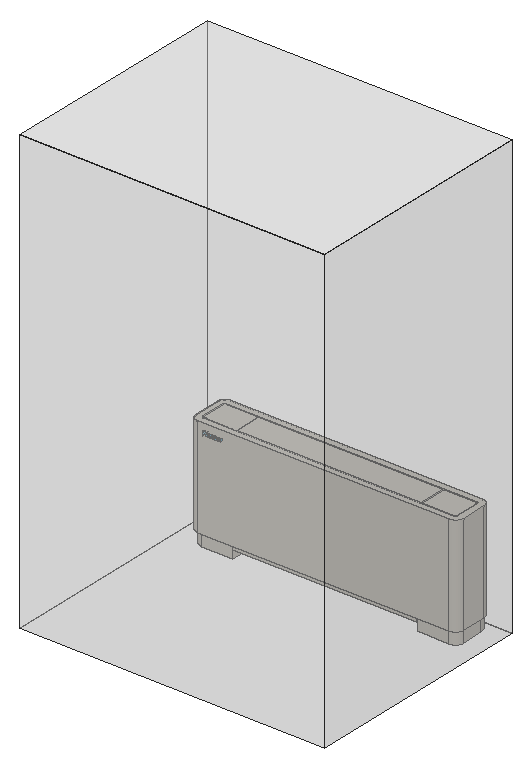
Revit family "outputfile", category 機械設備, Revit 2024
Family settings
  丸型コネクタ寸法 = 半径を使用
  パーツ タイプ = 標準
  OmniClass 番号 = 23.75.10.24.21.27.27
  OmniClass タイトル = Split System Air Conditioning Units
  作業面ベース = いいえ
  常に垂直 = はい
  ロード時にボイドで切り取り = いいえ
  注釈の向きを維持 = いいえ
  共有 = いいえ
  部屋計算ポイント = いいえ
Parameters (values of type "FXLQ63MAVE8")
  Description = ""
  製造元 = "Daikin"
  書き出し IFC クラス(タイプ) = "IfcUnitaryEquipmentType"
  定義済み IFC タイプ(タイプ) = "AIRCONDITIONINGUNIT"
  Cost = 0
  モデル = "FXLQ63MAVE8"
  Type Comments = ""
  Keynote = ""
  Type Image = (empty or 0)
  Assembly Code = ""
  w_machine casing = 1040.0 mm
  w_hangerfixture = 0.0 mm
  w_dischargeflange = 982.0 mm
  w_2_machine casing = 1010.0 mm
  w_1_machine casing = 982.0 mm
  r_Liquid Pipe Size = Liquid Pipe Size / 2  # 4.75 mm
  r_Gas Pipe Size = Gas Pipe Size / 2  # 7.95 mm
  w_mounting foot = 1230.0 mm
  r_Drain Pipe Size = Drain Pipe Size / 2  # 10.5 mm
  h_mountinghole = [h***] + 2.5 mm  # 2.5 mm
  lh_liquidpipe = 391.0 mm  # constant formula
  lh_gaspipe = 301.0 mm  # constant formula
  lh_drainpipe = 181.0 mm  # constant formula
  lh_antena = 598.5 mm  # constant formula
  ld_liquidpipe = 88.0 mm  # constant formula
  ld_gaspipe = 143.0 mm  # constant formula
  ld_drainpipe = 156.0 mm  # constant formula
  h*** = 0.0 mm  # constant formula
  w_front suction = 1001.0 mm
  d_pipe_2 = 27.3 mm  # constant formula
  d_pipe_1 = 47.6 mm  # constant formula
  d_pipe = 71.2 mm  # constant formula
  Width = 1420.0 mm
  Voltage_comment_50Hz = "220-240"
  Voltage_50Hz = 220 V
  Version = "ver.1.0"
  Unit Type = "Floor Standing Type"
  Unit Mass Weight = 36.00 kg
  Unit Designation [instance] = ""
  Uniclass2015Version = "Products v1.30"
  Uniclass2015Title = "Variable refrigerant flow units"
  Uniclass2015Code = "Pr_70_65_03_94"
  URL = ""
  Total Heating Capacity [instance] = 0.000 kW
  Total Cooling Capacity [instance] = 0.000 kW
  Sound Pressure Level_M speed (dBA) = 0
  Sound Pressure Level_L speed (dBA) = 36
  Sound Pressure Level_H speed (dBA) = 41
  Sound Power Level_H speed (dB) = 0
  Series = "VRV Fan Coil Unit"
  Sensible Cooling Capacity [instance] = 0.000 kW
  SA Duct Size Width = w_dischargeflange  # 982.0 mm
  SA Duct Size Height = 150.0 mm  # constant formula
  Refrigerant Type = "R410A"
  Power Input (Heating) = 0.110 kW
  Power Input (Cooling) = 0.110 kW
  Phase_50Hz = 1
  Option Accessory 3 [instance] = ""
  Option Accessory 2 [instance] = ""
  Option Accessory 1 [instance] = ""
  Nominal Heating Capacity = 8.000 kW
  Nominal Cooling Capacity = 7.100 kW
  Minimum External Static Pressure = 0.00 Pa
  Minimum Circuit Amps_50Hz = 0.6 A
  Minimum Airflow = 720.00 m³/h
  Median Airflow = 0.00 m³/h
  Maximum Fuse Amps_50Hz = 15.0 A
  Maximum External Static Pressure = 0.00 Pa
  Maximum Airflow = 960.00 m³/h
  Material_Casing = DAIKIN_IvoryWhite_Casing_indoorunit
  Load Classification = HVAC
  Liquid Pipe Size = 9.5 mm
  Link_Nested Family [instance] = ""
  IfcVersion = "0"
  IfcExportType = "AIRCONDITIONINGUNIT"
  IfcExportAs = "IfcUnitaryEquipmentType"
  Height = 600.0 mm
  Heating Entering Wet Bulb Temperature [instance] = 0.00 °C
  Heating Entering Dry Bulb Temperature [instance] = 0.00 °C
  Heating Ambient Wet Bulb Temperature [instance] = 0.00 °C
  Heating Ambient Dry Bulb Temperature [instance] = 0.00 °C
  Heat Exchanger Type = "Cross Fin Coil"
  Gas Pipe Size = 15.9 mm
  Frequency_50Hz = 50 Hz
  Fan Type = "Sirocco Fan"
  Fan Drive = "Direct Drive"
  FCU Tag No. [instance] = ""
  Drain Pipe Size = 21.0 mm
  Design Supply Airflow [instance] = 0.00 m³/h
  Design External Static Pressure [instance] = 0.00 Pa
  Depth = 222.0 mm
  既定の高さ = 0.0 mm
  Cooling Entering Wet Bulb Temperature [instance] = 0.00 °C
  Cooling Entering Dry Bulb Temperature [instance] = 0.00 °C
  Cooling Ambient Wet Bulb Temperature [instance] = 0.00 °C
  Cooling Ambient Dry Bulb Temperature [instance] = 0.00 °C
  Clearance visibility [instance] = yes
  Clearance Top = 1750.0 mm
  Clearance Right = 100.0 mm
  Clearance Rear = 20.0 mm
  Clearance Left = 100.0 mm
  Clearance Front = 1000.0 mm
  Clearance Bottom = 0.0 mm
Reference planes
  plane 1: y = 0
  plane 2: z = 0
  plane 3 "Center (Left/Right)": x = 0
  plane 4 "Center (Front/Back)": y = -103
  plane 5: y = -206
  plane 6: x = -520
  plane 7: x = 520
  plane 8: z = 584
  plane 9: z = 68
  plane 10: z = 609
  plane 11: z = 2350
  plane 12: z = 0
  plane 13: x = -810
  plane 14: x = 810
  plane 15: y = -1214
  plane 16: y = 28
  plane 17 "Bottom": z = 0
  plane 18: x = -488
  plane 19: x = 488
  plane 20: x = -539
  plane 21: x = -690
  plane 22: z = 129
  plane 23: z = 518
  plane 24: z = 564.5
  plane 25: y = -32
  plane 26: x = 618.8
  plane 27 "ld_drainpipe": y = -148
  plane 28: z = 181
  plane 29: z = 301
  plane 30: z = 391
  plane 31: x = 547
  plane 32: x = 505
  plane 33: x = -505
  plane 34 "ld_liquidpipe": y = -80
  plane 35 "ld_gaspipe": y = -135
  plane 36: x = 654
  plane 37: z = 518.4
  plane 38: z = 388.6
  plane 39: x = 506
  plane 40: x = -506
  plane 41: x = -614.5
  plane 42: y = -42
  plane 43: y = -25.8
  plane 44 "Left": x = -710
  plane 45 "Right": x = 710
  plane 46: x = -491
  plane 47: x = 491
  plane 48: z = 70
  plane 49 "Top": z = 600
  plane 50 "Front": y = -214
  plane 51 "Back": y = 8
  plane 52: y = -201
Forms (mm)
  Extrusion 1, solid, material "DAIKIN_IvoryWhite_Casing_indoorunit" <- "Material_Casing"
    sketch origin (0, 0, 0) x (1, 0, 0) y (0, 1, 0)
      loop
        line (-520, 0) -> (-520, -206) -> (520, -206) -> (520, 0) -> (-520, 0)
    from 68 to 584
  Extrusion 2, solid, material "DAIKIN_IvoryWhite_Casing_indoorunit" <- "Material_Casing"
    sketch origin (0, 0, 68) x (0, 1, 0) y (1, 0, 0)
      loop
        line (0, -488) -> (0, 488) -> (-206, 488) -> (-206, -488) -> (0, -488)
    from 0 to 19.6
  Extrusion 3, solid, material "DAIKIN_IvoryWhite_Casing_indoorunit" <- "Material_Casing"
    sketch origin (-520, -206, 0) x (0, 1, 0) y (0, 0, -1)
      loop
        circle (103, -448.5) r 12.5
      loop
        circle (103, -243.5) r 12.5
    from 0 to 19
  Extrusion 4, solid, material "DAIKIN_IvoryWhite_Casing_indoorunit" <- "Material_Casing"
    sketch origin (0, 0, 68) x (-1, 0, 0) y (0, -1, 0)
      loop
        line (690, 25.8) -> (690, 71.25) -> (555.25, 206) -> (539, 206) -> (539, 25.8) -> (690, 25.8)
    from 61 to 450
  Extrusion 5, solid, material "DAIKIN_IvoryWhite_Casing_indoorunit" <- "Material_Casing"
    sketch origin (520, 0, 0) x (0, -1, 0) y (0, 0, -1)
      loop
        line (5.208, -545.14) -> (32, -564.5) -> (104, -554.5) -> (202.913, -407.529) -> (197.289, -319.3) -> (168.604, -299.952) -> (5.208, -545.14)
    from 0 to 98.8
  Extrusion 6, solid, material "DAIKIN_IvoryWhite_Casing_indoorunit" <- "Material_Casing"
    sketch origin (520, 0, 0) x (0, -1, 0) y (0, 0, -1)
      loop
        line (188.5, -240) -> (188.5, -210) -> (107.5, -210) -> (107.5, -240) -> (188.5, -240)
    from 0 to 50
  Extrusion 7, solid, material "DAIKIN_IvoryWhite_Casing_indoorunit" <- "Material_Casing"
    sketch origin (520, -107.5, 210) x (-1, 0, 0) y (0, 1, 0)
      loop
        circle (-27, -40.5) r 10.5
    from 0 to 29
  Sweep 8, solid, material "DAIKIN_IvoryWhite_Casing_indoorunit" <- "Material_Casing"
    path origin (0, -80, 0) x (0, 0, 1) y (1, 0, 0)
      loop
        line (518.4, 618.8) -> (518.4, 641)
        arc (518.4, 641) -> (514.592, 650.192) -> (505.4, 654) r 13
        line (505.4, 654) -> (391, 654)
    profile origin (629.9, -80, 518.4) x (0, 0, -1) y (0, 1, 0)
      loop
        circle (0, 0) r 3.2
  Sweep 9, solid, material "DAIKIN_IvoryWhite_Casing_indoorunit" <- "Material_Casing"
    path origin (0, -135, 0) x (0, 0, 1) y (1, 0, 0)
      loop
        line (388.6, 618.8) -> (388.6, 641)
        arc (388.6, 641) -> (384.792, 650.192) -> (375.6, 654) r 13
        line (375.6, 654) -> (301, 654)
    profile origin (629.9, -135, 388.6) x (0, 0, -1) y (0, 1, 0)
      loop
        circle (0, 0) r 7.95
Dimensions and locks
  equal spacing: plane 5, plane 4 "Center (Front/Back)", plane 1
  equal spacing: plane 6, plane 3 "Center (Left/Right)", plane 7
  locked: plane 10 to plane 8 at 25
  "h***": plane 17 "Bottom" to plane 2
  locked: plane 8 to plane 9 at 516
  "Clearance Bottom": plane 17 "Bottom" to plane 12
  locked: plane 6 to plane 18 at 32
  locked: plane 19 to plane 7 at 32
  plane 18 to plane 19 = 976.0 mm
  locked: Extrusion 3 sketch curve to plane 9 at 175.5
  locked: Extrusion 3 sketch curve to Extrusion 3 sketch curve at 205
  locked: plane 6 to plane 20 at 19
  plane 23 to plane 22 to plane 17 "Bottom" = 389.0 mm locked, 129.0 mm locked
  locked: plane 21 to plane 6 at 170
  locked: plane 10 to plane 24 at 44.5
  locked: plane 5 to plane 25 at 174
  locked: plane 7 to plane 26 at 98.8
  locked: Extrusion 6 sketch curve to Extrusion 6 sketch curve at 30
  locked: Extrusion 6 sketch curve to Extrusion 6 sketch curve at 81
  locked: Extrusion 6 sketch curve to plane 17 "Bottom" at 240
  locked: plane 27 "ld_drainpipe" to Extrusion 6 sketch curve at 40.5
  "lh_drainpipe": plane 28 to plane 17 "Bottom"
  "lh_gaspipe": plane 29 to plane 17 "Bottom"
  "lh_liquidpipe": plane 30 to plane 17 "Bottom"
  locked: plane 33 to plane 6 at 15
  locked: plane 7 to plane 32 at 15
  locked: plane 31 to plane 32 at 42
  locked: plane 36 to plane 7 at 134
  locked: plane 10 to plane 37 at 90.6
  locked: plane 10 to plane 38 at 220.4
  locked: plane 6 to plane 40 at 14
  locked: plane 39 to plane 7 at 14
  equal spacing: plane 32, plane 3 "Center (Left/Right)", plane 33
  plane 32 to plane 33 = 1010.0 mm
  locked: plane 21 to plane 41 at 75.5
  locked: plane 42 to plane 1 at 42
  locked: plane 43 to plane 5 at 180.2
  locked: Extrusion 4 sketch curve to plane 20 at 16.25
  locked: plane 43 to Extrusion 4 sketch curve at 45.45
  locked: plane 46 to plane 44 "Left" at 219
  locked: plane 45 "Right" to plane 47 at 219
  "Width": plane 45 "Right" to plane 44 "Left"
  locked: plane 49 "Top" to plane 48 at 530
  equal spacing: plane 45 "Right", plane 3 "Center (Left/Right)", plane 44 "Left"
  "w_machine casing": plane 6 to plane 7
  "Depth": plane 51 "Back" to plane 50 "Front"
  equal spacing: plane 51 "Back", plane 4 "Center (Front/Back)", plane 50 "Front"
  locked: plane 1 to plane 5 at 206
  locked: plane 10 to plane 17 "Bottom" at 609
  "Height": plane 49 "Top" to plane 17 "Bottom"
  "Clearance Rear": plane 16 to plane 51 "Back"
  "Clearance Front": plane 50 "Front" to plane 15
  "Clearance Right": plane 14 to plane 45 "Right"
  "Clearance Left": plane 44 "Left" to plane 13
  "Clearance Top": plane 11 to plane 49 "Top"
  equal spacing: plane 18, nested 2, plane 19
  "ld_liquidpipe": plane 34 "ld_liquidpipe" to plane 51 "Back"
  "ld_gaspipe": plane 35 "ld_gaspipe" to plane 51 "Back"
  "ld_drainpipe": plane 27 "ld_drainpipe" to plane 51 "Back"
  locked: plane 50 "Front" to plane 52 at 13
  "Drain Pipe Size": diameter of Extrusion 7 sketch curve
  "Gas Pipe Size": diameter of Sweep 9 sketch curve
  locked: Extrusion 4 sketch curve to Extrusion 4 sketch curve (angle 45.00°)
  aligned and locked: level to plane 2
  aligned and locked: plane 1 to Extrusion 1 sketch curve
  aligned and locked: plane 6 to Extrusion 1 sketch curve
  aligned and locked: plane 5 to Extrusion 1 sketch curve
  aligned and locked: Extrusion 1 sketch curve to plane 7
  aligned and locked: plane 8 to Extrusion 1
  aligned and locked: Extrusion 1 to plane 9
  aligned and locked: plane 8 to nested 1
  aligned and locked: plane 3 "Center (Left/Right)" to nested 1
  aligned and locked: nested 2 to plane 16
  aligned and locked: nested 2 to plane 15
  aligned and locked: plane 11 to nested 2
  aligned and locked: plane 12 to nested 2
  aligned and locked: plane 13 to nested 2
  aligned and locked: plane 14 to nested 2
  aligned and locked: nested 3 to plane 4 "Center (Front/Back)"
  aligned and locked: nested 4 to plane 4 "Center (Front/Back)"
  aligned and locked: plane 1 to Extrusion 2 sketch curve
  aligned and locked: plane 5 to Extrusion 2 sketch curve
  aligned and locked: plane 18 to Extrusion 2 sketch curve
  aligned and locked: Extrusion 2 sketch curve to plane 19
  aligned and locked: plane 4 "Center (Front/Back)" to Extrusion 3 sketch curve  (x2)
  aligned and locked: Extrusion 3 to plane 20
  aligned and locked: plane 21 to Extrusion 4 sketch curve
  aligned and locked: Extrusion 4 sketch curve to plane 20
  aligned and locked: plane 23 to Extrusion 4
  aligned and locked: Extrusion 4 to plane 22
  aligned and locked: plane 26 to Extrusion 5
  aligned and locked: plane 25 to Extrusion 5 sketch curve
  aligned and locked: plane 24 to Extrusion 5 sketch curve
  aligned and locked: plane 31 to Extrusion 7 sketch curve
  aligned and locked: plane 27 "ld_drainpipe" to Extrusion 7 sketch curve
  aligned and locked: Extrusion 7 to plane 28
  aligned and locked: plane 36 to Sweep 8 sketch curve
  aligned and locked: Sweep 8 sketch curve to plane 37
  aligned and locked: plane 30 to Sweep 8 sketch curve
  aligned and locked: plane 26 to Sweep 8 sketch curve
  aligned and locked: plane 29 to Sweep 9 sketch curve
  aligned and locked: plane 26 to Sweep 9 sketch curve
  aligned and locked: Sweep 9 sketch curve to plane 38
  aligned and locked: plane 36 to Sweep 9 sketch curve
  aligned and locked: nested 3 to plane 39
  aligned and locked: plane 40 to nested 4
  aligned and locked: plane 31 to nested 5
  aligned and locked: nested 6 to plane 36
  aligned and locked: nested 7 to plane 36
  aligned and locked: nested 8 to plane 41
  aligned and locked: plane 4 "Center (Front/Back)" to nested 8
  aligned and locked: Extrusion 4 sketch curve to plane 43
  aligned and locked: Extrusion 4 sketch curve to plane 5
  aligned and locked: nested 7 to plane 34 "ld_liquidpipe"
  aligned and locked: nested 6 to plane 35 "ld_gaspipe"
  aligned and locked: nested 5 to plane 27 "ld_drainpipe"
  aligned and locked: nested 9 to plane 46
  aligned and locked: nested 9 to plane 17 "Bottom"
  aligned and locked: nested 10 to plane 47
  aligned and locked: nested 10 to plane 17 "Bottom"
  aligned and locked: plane 3 "Center (Left/Right)" to nested 11
  aligned and locked: nested 11 to plane 4 "Center (Front/Back)"
  aligned and locked: nested 11 to plane 48
  aligned and locked: nested 12 to plane 50 "Front"
  aligned and locked: plane 24 to nested 12
  aligned and locked: plane 20 to nested 12
  aligned and locked: plane 52 to nested 10
  aligned and locked: nested 9 to plane 52
  aligned and locked: nested 5 to plane 17 "Bottom"
  aligned and locked: nested 6 to plane 17 "Bottom"
  aligned and locked: nested 7 to plane 17 "Bottom"
  aligned and locked: nested 8 to plane 17 "Bottom"
  aligned and locked: plane 4 "Center (Front/Back)" to nested 1
  aligned and locked: plane 49 "Top" to nested 11
Automatic sketch dimensions
  Extrusion 1 sketch curve to plane 5 = 0.0 mm
  Extrusion 1 to Extrusion 5 sketch curve = 5.208 mm
  Extrusion 1 to Extrusion 5 sketch curve = 29.5 mm
  Extrusion 5 sketch curve to Extrusion 5 sketch curve = 72.0 mm
  Extrusion 1 to Extrusion 5 sketch curve = 37.396 mm
  Extrusion 1 to Extrusion 5 sketch curve = 8.711 mm
  Extrusion 1 to Extrusion 5 sketch curve = 3.087 mm
  Extrusion 5 sketch curve to Extrusion 5 sketch curve = 19.36 mm
  Extrusion 1 to Extrusion 5 sketch curve = 176.471 mm
  Extrusion 5 sketch curve to Extrusion 5 sketch curve = 88.229 mm
  Extrusion 5 sketch curve to Extrusion 5 sketch curve = 19.348 mm
  Sweep 8 sketch curve to profile plane = 0.0 mm  (x2)
  Sweep 8 sketch curve to plane 23 = 12.6 mm
  Sweep 9 sketch curve to plane 38 = 13.0 mm
  Sweep 9 sketch curve to plane 35 "ld_gaspipe" = 0.0 mm
  Sweep 9 sketch curve to profile plane = 0.0 mm
  radius of Extrusion 3 sketch curve = 12.5 mm  (x2)
  radius of Sweep 8 sketch curve = 3.2 mm
Nested families
  nested 1: "daikin_ductflange_FXLQ-MAVE8" at (0, -178, 584) x (1, 0, 0) z (0, 1, 0), width <- "w_dischargeflange", material <- "Material_Casing", type "daikin_ductflange_FXLQ-MAVE8"
    with width 982.0 mm, material DAIKIN_IvoryWhite_Casing_indoorunit, height 150.0 mm, depth 16.0 mm
  nested 2: "daikin_clearancespace" at (0, -593, 1175.119), visible <- "Clearance visibility", show <- "Clearance visibility", Link_Nested Family <- "Link_Nested Family", type "daikin_clearancespace"
    with width 1620.0 mm, show yes, height 2350.0 mm, depth 1242.0 mm, Link_Nested Family ""
  nested 3: "daikin_mountinghole" at (506, -103, 0), Link_Nested Family <- "Link_Nested Family", h_mountinghole <- "h_mountinghole", l_antenna <- "lh_antena", type "daikin_mountinghole"
    with show yes, l_antenna 598.5 mm, h_mountinghole 2.5 mm, Link_Nested Family ""
  nested 4: "daikin_mountinghole" at (-506, -103, 0), Link_Nested Family <- "Link_Nested Family", h_mountinghole <- "h_mountinghole", l_antenna <- "lh_antena", type "daikin_mountinghole"
    with show yes, l_antenna 598.5 mm, h_mountinghole 2.5 mm, Link_Nested Family ""
  nested 5: "daikin_connector_rotate2" at (547, -148, 181) x (1, 0, 0) z (0, -1, 0), radius <- "r_Drain Pipe Size", length <- "lh_drainpipe", type "daikin_connector_rotate2"
    with radius 10.5 mm, length 181.0 mm, angle_vertical 90.00°, show_face no
  nested 6: "daikin_connector_rotate2" at (654, -135, 301) x (1, 0, 0) z (0, -1, 0), radius <- "r_Gas Pipe Size", length <- "lh_gaspipe", type "daikin_connector_rotate2"
    with radius 7.95 mm, length 301.0 mm, angle_vertical 90.00°, show_face no
  nested 7: "daikin_connector_rotate2" at (654, -80, 391) x (1, 0, 0) z (0, -1, 0), radius <- "r_Liquid Pipe Size", length <- "lh_liquidpipe", type "daikin_connector_rotate2"
    with radius 4.75 mm, length 391.0 mm, angle_vertical 90.00°, show_face no
  nested 8: "daikin_connector_rotate2" at (-614.5, -103, 129) x (1, 0, 0) z (0, -1, 0), type "daikin_connector_rotate2"
    with radius 10.0 mm, length 129.0 mm, angle_vertical 90.00°, show_face no
  nested 9: "daikin_hangerfixture_FXLQ-MAVE8" at (-595.5, -99, 0), type "daikin_hangerfixture_FXLQ-MAVE8"
  nested 10: "daikin_hangerfixture_FXLQ-MAVE8" at (595.5, -99, 0) x (-1, 0, 0) z (0, 0, 1), type "daikin_hangerfixture_FXLQ-MAVE8"
  nested 11: "daikin_machine casing_FXLQ-MAVE8" at (0, -103, 70), width <- "Width", W_2 <- "w_2_machine casing", W_1 <- "w_1_machine casing", material <- "Material_Casing", type "daikin_machine casing_FXLQ-MAVE8"
    with width 1420.0 mm, material DAIKIN_IvoryWhite_Casing_indoorunit, height 530.0 mm, depth 222.0 mm, W_2 1010.0 mm, W_1 982.0 mm, D_1 150.0 mm
  nested 12: "daikin_logo_elevation_w100" at (-574, -214, 539.5), type "daikin_logo_elevation_w100"
    with show_logo yes
Connectors
  electrical at (-614.5, -103, 0), driven by "Load Classification"
    settings: on nested 8, index 5, voltage 0 V, apparent load 0 VA, apparent load phase1 0 VA, apparent load phase2 0 VA, apparent load phase3 0 VA, power factor 1, load classification "HVAC", number of poles 1, system type 30, power factor state 1, is connector primary yes, connector utility no, sub classification motor no, connector description "Power Supply"
  piping at (654, -80, 0), diameter 9.5, driven by "r_Liquid Pipe Size"
    settings: on nested 7, index 6, connector inside diameter 609.6 mm, connector length 0.0 mm, flow factor 0, pipe flow 0.00 m³/h, pressure drop 0.0 Pa, fitting loss kfactor 0, connector angle 0.00°, fixture units 0, engagement length 0.0 mm, angle of deflection 0.00°, flow configuration 1, flow direction 1, fitting loss method 0, system type 29, joint type 0, gender type 0, connector reference index -1, connector utility 0, adjustable connector no, is connector primary yes, connector description "Refrigerant Liquid Piping"
  piping at (654, -135, 0), diameter 15.9, driven by "r_Gas Pipe Size"
    settings: on nested 6, index 7, connector inside diameter 609.6 mm, connector length 0.0 mm, flow factor 0, pipe flow 0.00 m³/h, pressure drop 0.0 Pa, fitting loss kfactor 0, connector angle 0.00°, fixture units 0, engagement length 0.0 mm, angle of deflection 0.00°, flow configuration 1, flow direction 2, fitting loss method 0, system type 29, joint type 0, gender type 0, connector reference index -1, connector utility 0, adjustable connector no, is connector primary no, connector description "Refrigerant Gas Piping"
  piping at (547, -148, 0), diameter 21, driven by "r_Drain Pipe Size"
    settings: on nested 5, index 8, connector inside diameter 609.6 mm, connector length 0.0 mm, flow factor 0, pipe flow 0.00 m³/h, pressure drop 0.0 Pa, fitting loss kfactor 0, connector angle 0.00°, fixture units 0, engagement length 0.0 mm, angle of deflection 0.00°, flow configuration 1, flow direction 2, fitting loss method 4, system type 16, joint type 0, gender type 0, connector reference index -1, connector utility 0, adjustable connector no, is connector primary no, connector description "Condensate Drain Piping"
Definition of nested family "daikin_ductflange_FXLQ-MAVE8"
  Parameters (values of type "daikin_ductflange_FXLQ-MAVE8")
    width [instance] = 662.0 mm
    material [instance] = none
    height [instance] = 150.0 mm
    depth [instance] = 25.0 mm
    Default Elevation = 0.0 mm
  Reference planes
    plane 1 "Center (Front/Back)": y = 0
    plane 2: z = 0
    plane 3 "Center (Left/Right)": x = 0
    plane 4: y = -25
    plane 5: x = -331
    plane 6: x = 331
    plane 7 "Top": z = 150
    plane 8: y = -1
    plane 9: z = 135.5
    plane 10: z = 14.5
    plane 11 "Center (Elevation)": z = 75
    plane 12: x = -330
    plane 13: x = 330
  Forms (mm)
    Extrusion 1, solid, material <- "material"
      sketch origin (0, 0, 0) x (1, 0, 0) y (0, 0, 1)
        loop
          line (-331, 150) -> (-331, 0) -> (331, 0) -> (331, 150) -> (-331, 150)
      from 1 to 25
  Dimensions and locks
    "height": plane 7 "Top" to plane 2
    "width": plane 5 to plane 6
    equal spacing: plane 5, plane 3 "Center (Left/Right)", plane 6
    "depth": plane 1 "Center (Front/Back)" to plane 4
    locked: plane 8 to plane 1 "Center (Front/Back)" at 1
    locked: plane 7 "Top" to plane 9 at 14.5
    locked: plane 10 to plane 2 at 14.5
    equal spacing: plane 7 "Top", plane 11 "Center (Elevation)", plane 2
    locked: plane 12 to plane 5 at 1
    locked: plane 6 to plane 13 at 1
    aligned and locked: level to plane 2
    aligned and locked: plane 5 to Extrusion 1 sketch curve
    aligned and locked: Extrusion 1 sketch curve to plane 7 "Top"
    aligned and locked: plane 2 to Extrusion 1 sketch curve
    aligned and locked: Extrusion 1 sketch curve to plane 6
    aligned and locked: Extrusion 1 to plane 4
    aligned and locked: plane 8 to Extrusion 1
Definition of nested family "daikin_clearancespace"
  Parameters (values of type "daikin_clearancespace")
    width [instance] = 1823.963 mm
    show [instance] = yes
    material = none
    height [instance] = 1359.762 mm
    depth [instance] = 880.0 mm
    Default Elevation = 0.0 mm
    Link_Nested Family [instance] = ""
  Reference planes
    plane 1 "Center (Front/Back)": y = 0
    plane 2 "Center (Elevation)": z = -0.119
    plane 3 "Center (Left/Right)": x = 0
    plane 4: y = 440
    plane 5: y = -440
    plane 6 "Right": x = 911.982
    plane 7 "Left": x = -911.982
    plane 8 "Top": z = 679.762
    plane 9 "Bottom": z = -680
  Forms (mm)
    Extrusion 1, solid, material <- "material", visible <- "show"
      sketch origin (0, 0, 0) x (1, 0, 0) y (0, 1, 0)
        loop
          line (-911.982, 440) -> (-911.982, -440) -> (911.982, -440) -> (911.982, 440) -> (-911.982, 440)
      from -680 to 679.762
  Lines and regions (mm)
    symbolic lines, visible <- "show"
      curve 1: line (911.982, 440, 0) -> (-911.982, 440, 0)
      curve 2: line (-911.982, 440, 0) -> (-911.982, -440, 0)
      curve 3: line (-911.982, -440, 0) -> (911.982, -440, 0)
      curve 4: line (911.982, -440, 0) -> (911.982, 440, 0)
      curve 5: line (911.982, 0, 679.762) -> (-911.982, 0, 679.762)
      curve 6: line (911.982, 0, -680) -> (911.982, 0, 679.762)
      curve 7: line (-911.982, 0, -680) -> (911.982, 0, -680)
      curve 8: line (-911.982, 0, 679.762) -> (-911.982, 0, -680)
      curve 9: line (0, 440, 679.762) -> (0, -440, 679.762)
      curve 10: line (0, -440, 679.762) -> (0, -440, -680)
      curve 11: line (0, 440, -680) -> (0, 440, 679.762)
      curve 12: line (0, -440, -680) -> (0, 440, -680)
  Dimensions and locks
    "width": plane 7 "Left" to plane 6 "Right"
    "depth": plane 4 to plane 5
    "height": plane 8 "Top" to plane 9 "Bottom"
    equal spacing: plane 7 "Left", plane 3 "Center (Left/Right)", plane 6 "Right"
    equal spacing: plane 4, plane 1 "Center (Front/Back)", plane 5
    equal spacing: plane 8 "Top", plane 2 "Center (Elevation)", plane 9 "Bottom"
    aligned and locked: level to plane 2 "Center (Elevation)"
    aligned and locked: Extrusion 1 sketch curve to plane 4
    aligned and locked: plane 7 "Left" to Extrusion 1 sketch curve
    aligned and locked: Extrusion 1 sketch curve to plane 5
    aligned and locked: Extrusion 1 sketch curve to plane 6 "Right"
    aligned and locked: plane 8 "Top" to Extrusion 1
    aligned and locked: curve 1 to Extrusion 1
    aligned and locked: curve 2 to Extrusion 1
    aligned and locked: curve 3 to Extrusion 1
    aligned and locked: curve 4 to Extrusion 1
    aligned and locked: curve 5 to Extrusion 1
    aligned and locked: curve 6 to Extrusion 1
    aligned and locked: curve 7 to Extrusion 1
    aligned and locked: curve 8 to Extrusion 1
    aligned and locked: curve 9 to Extrusion 1
    aligned and locked: curve 10 to Extrusion 1
    aligned and locked: curve 11 to Extrusion 1
    aligned and locked: curve 12 to Extrusion 1
    aligned and locked: Extrusion 1 to plane 9 "Bottom"
Definition of nested family "daikin_hangerfixture_FXLQ-MAVE8"
  Parameters (values of type "daikin_hangerfixture_FXLQ-MAVE8")
    width = 209.0 mm
    material = none
    height = 70.0 mm
    depth = 204.0 mm
    Default Elevation = 0.0 mm
  Reference planes
    plane 1 "Center (Front/Back)": y = 0
    plane 2: z = 0
    plane 3 "Center (Left/Right)": x = 0
    plane 4: x = -104.5
    plane 5: x = 104.5
    plane 6: y = 102
    plane 7: y = -102
    plane 8: z = 70
  Forms (mm)
    Extrusion 1, solid, material <- "material"
      sketch origin (0, 0, 0) x (1, 0, 0) y (0, 1, 0)
        loop
          arc (-59.5, 102) -> (-91.32, 88.82) -> (-104.5, 57) r 45
          line (-104.5, 57) -> (-104.5, -57)
          arc (-104.5, -57) -> (-91.32, -88.82) -> (-59.5, -102) r 45
          line (-59.5, -102) -> (104.5, -102) -> (104.5, 102) -> (-59.5, 102)
      from 0 to 70
    Extrusion 2, void
      sketch origin (0, 0, 0) x (1, 0, 0) y (0, 1, 0)
        loop
          line (74.5, 92) -> (-55.5, 92)
          arc (-55.5, 92) -> (-80.249, 81.749) -> (-90.5, 57) r 35
          line (-90.5, 57) -> (-90.5, -57)
          arc (-90.5, -57) -> (-80.249, -81.749) -> (-55.5, -92) r 35
          line (-55.5, -92) -> (74.5, -92) -> (74.5, 92)
      from 0 to 67.5
    Extrusion 3, void
      sketch origin (0, 0, 0) x (1, 0, 0) y (0, 1, 0)
        loop
          line (83.5, 9) -> (83.5, -9) -> (95.5, -9) -> (95.5, 9) -> (83.5, 9)
      from 0 to 2.5
    Extrusion 4, void
      sketch origin (0, 0, 0) x (1, 0, 0) y (0, 1, 0)
        loop
          line (74.5, 92) -> (74.5, -92) -> (102, -92) -> (102, 92) -> (74.5, 92)
      from 2.5 to 67.5
  Cuts and joins
    Extrusion 2, Extrusion 3, Extrusion 4 cuts Extrusion 1
  Dimensions and locks
    "depth": plane 7 to plane 6
    equal spacing: plane 7, plane 1 "Center (Front/Back)", plane 6
    "width": plane 4 to plane 5
    equal spacing: plane 4, plane 3 "Center (Left/Right)", plane 5
    "height": plane 8 to plane 2
    locked: Extrusion 2 sketch curve to plane 5 at 30
    locked: Extrusion 2 sketch curve to plane 6 at 10
    locked: plane 7 to Extrusion 2 sketch curve at 10
    locked: plane 4 to Extrusion 2 sketch curve at 14
    locked: Extrusion 3 sketch curve to Extrusion 3 sketch curve at 12
    locked: Extrusion 3 sketch curve to Extrusion 3 sketch curve at 18
    locked: Extrusion 3 sketch curve to plane 1 "Center (Front/Back)" at 9
    locked: Extrusion 3 sketch curve to plane 5 at 9
    locked: Extrusion 4 sketch curve to plane 6 at 10
    locked: plane 7 to Extrusion 4 sketch curve at 10
    locked: Extrusion 4 sketch curve to plane 5 at 2.5
    aligned and locked: level to plane 2
    aligned and locked: plane 6 to Extrusion 1 sketch curve
    aligned and locked: plane 4 to Extrusion 1 sketch curve
    aligned and locked: Extrusion 1 sketch curve to plane 7
    aligned and locked: Extrusion 1 sketch curve to plane 5
    aligned and locked: plane 8 to Extrusion 1
  Automatic sketch dimensions
    plane 4 to Extrusion 1 sketch curve = 45.0 mm  (x2)
    plane 4 to Extrusion 2 sketch curve = 49.0 mm
    Extrusion 2 sketch curve to Extrusion 2 sketch curve = 35.0 mm
    Extrusion 4 sketch curve to plane 5 = 30.0 mm
Definition of nested family "daikin_machine casing_FXLQ-MAVE8"
  Parameters (values of type "daikin_machine casing_FXLQ-MAVE8")
    width [instance] = 1000.0 mm
    material [instance] = none
    height [instance] = 530.0 mm
    depth [instance] = 222.0 mm
    W_2 [instance] = 590.0 mm
    W_1 [instance] = 562.0 mm
    Default Elevation = 0.0 mm
    D_1 [instance] = 150.0 mm
  Reference planes
    plane 1 "Center (Front/Back)": y = 0
    plane 2: z = 0
    plane 3 "Center (Left/Right)": x = 0
    plane 4: x = -500
    plane 5: x = 500
    plane 6: y = 111
    plane 7: y = -111
    plane 8: z = 530
    plane 9: x = -281
    plane 10: x = 281
    plane 11: y = 75
    plane 12: y = -75
    plane 13: x = -298
    plane 14: x = 298
    plane 15: x = -464
    plane 16: x = 464
    plane 17: x = -295
    plane 18: x = 295
    plane 19: z = 163
    plane 20: z = 355
  Forms (mm)
    Extrusion 1, solid, material <- "material"
      sketch origin (0, 0, 0) x (1, 0, 0) y (0, 1, 0)
        loop
          arc (-455, 111) -> (-486.82, 97.82) -> (-500, 66) r 45
          line (-500, 66) -> (-500, -66)
          arc (-500, -66) -> (-486.82, -97.82) -> (-455, -111) r 45
          line (-455, -111) -> (455, -111)
          arc (455, -111) -> (486.82, -97.82) -> (500, -66) r 45
          line (500, -66) -> (500, 66)
          arc (500, 66) -> (486.82, 97.82) -> (455, 111) r 45
          line (455, 111) -> (-455, 111)
      from 0 to 530
    Extrusion 2, void
      sketch origin (0, 0, 0) x (1, 0, 0) y (0, 1, 0)
        loop
          arc (-455, 108.5) -> (-485.052, 96.052) -> (-497.5, 66) r 42.5
          line (-497.5, 66) -> (-497.5, -66)
          arc (-497.5, -66) -> (-485.052, -96.052) -> (-455, -108.5) r 42.5
          line (-455, -108.5) -> (455, -108.5)
          arc (455, -108.5) -> (485.052, -96.052) -> (497.5, -66) r 42.5
          line (497.5, -66) -> (497.5, 66)
          arc (497.5, 66) -> (485.052, 96.052) -> (455, 108.5) r 42.5
          line (455, 108.5) -> (-455, 108.5)
      from 0 to 528
    Extrusion 3, void
      sketch origin (0, 0, 530) x (0, 1, 0) y (1, 0, 0)
        loop
          line (75, -281) -> (75, 281) -> (-75, 281) -> (-75, -281) -> (75, -281)
      from 0 to 2.5
    Extrusion 4, void
      sketch origin (0, 0, 530) x (0, 1, 0) y (1, 0, 0)
        loop
          line (75, -455) -> (75, -281) -> (74, -281) -> (74, -455)
          arc (74, -455) -> (71.657, -460.657) -> (66, -463) r 8
          line (66, -463) -> (-66, -463)
          arc (-66, -463) -> (-71.657, -460.657) -> (-74, -455) r 8
          line (-74, -455) -> (-74, -281) -> (-75, -281) -> (-75, -455)
          arc (-75, -455) -> (-72.364, -461.364) -> (-66, -464) r 9
          line (-66, -464) -> (66, -464)
          arc (66, -464) -> (72.364, -461.364) -> (75, -455) r 9
        loop
          line (75, 281) -> (75, 455)
          arc (75, 455) -> (72.364, 461.364) -> (66, 464) r 9
          line (66, 464) -> (-66, 464)
          arc (-66, 464) -> (-72.364, 461.364) -> (-75, 455) r 9
          line (-75, 455) -> (-75, 281) -> (-74, 281) -> (-74, 455)
          arc (-74, 455) -> (-71.657, 460.657) -> (-66, 463) r 8
          line (-66, 463) -> (66, 463)
          arc (66, 463) -> (71.657, 460.657) -> (74, 455) r 8
          line (74, 455) -> (74, 281) -> (75, 281)
      from 0 to 2.5
    Extrusion 5, void
      sketch origin (1480.036, 111, 1200) x (-1, 0, 0) y (0, 0, 1)
        loop
          line (1781.036, -830) -> (1769.036, -830) -> (1769.036, -860) -> (1781.036, -860) -> (1781.036, -830)
        loop
          line (1191.036, -830) -> (1179.036, -830) -> (1179.036, -860) -> (1191.036, -860) -> (1191.036, -830)
        loop
          line (1781.036, -1022) -> (1769.036, -1022) -> (1769.036, -1052) -> (1781.036, -1052) -> (1781.036, -1022)
        loop
          line (1191.036, -1022) -> (1179.036, -1022) -> (1179.036, -1052) -> (1191.036, -1052) -> (1191.036, -1022)
      from 0 to -2.5
  Cuts and joins
    Extrusion 2, Extrusion 3, Extrusion 4, Extrusion 5 cuts Extrusion 1
  Dimensions and locks
    "width": plane 4 to plane 5
    equal spacing: plane 4, plane 3 "Center (Left/Right)", plane 5
    "depth": plane 7 to plane 6
    equal spacing: plane 7, plane 1 "Center (Front/Back)", plane 6
    "height": plane 8 to plane 2
    locked: plane 4 to Extrusion 2 sketch curve at 2.5
    locked: Extrusion 2 sketch curve to plane 6 at 2.5
    locked: Extrusion 2 sketch curve to plane 5 at 2.5
    locked: plane 7 to Extrusion 2 sketch curve at 2.5
    "W_1": plane 9 to plane 10
    equal spacing: plane 9, plane 3 "Center (Left/Right)", plane 10
    "D_1": plane 12 to plane 11
    equal spacing: plane 12, plane 1 "Center (Front/Back)", plane 11
    locked: Extrusion 4 sketch curve to plane 11 at 1  (x2)
    locked: plane 15 to Extrusion 4 sketch curve at 1
    locked: plane 12 to Extrusion 4 sketch curve at 1  (x2)
    locked: Extrusion 4 sketch curve to plane 16 at 1
    locked: plane 4 to plane 15 at 36
    locked: plane 16 to plane 5 at 36
    locked: plane 13 to plane 9 at 17
    locked: plane 10 to plane 14 at 17
    "W_2": plane 18 to plane 17
    equal spacing: plane 18, plane 3 "Center (Left/Right)", plane 17
    plane 20 to plane 19 to plane 2 = 192.0 mm locked, 163.0 mm locked
    locked: Extrusion 5 sketch curve to Extrusion 5 sketch curve at 12  (x4)
    locked: Extrusion 5 sketch curve to Extrusion 5 sketch curve at 30  (x4)
    locked: Extrusion 5 sketch curve to plane 17 at 6
    locked: plane 20 to Extrusion 5 sketch curve at 15  (x2)
    locked: Extrusion 5 sketch curve to plane 18 at 6
    locked: plane 17 to Extrusion 5 sketch curve at 6
    locked: plane 19 to Extrusion 5 sketch curve at 15  (x2)
    locked: plane 18 to Extrusion 5 sketch curve at 6
    aligned and locked: level to plane 2
    aligned and locked: plane 6 to Extrusion 1 sketch curve
    aligned and locked: plane 4 to Extrusion 1 sketch curve
    aligned and locked: Extrusion 1 sketch curve to plane 7
    aligned and locked: Extrusion 1 sketch curve to plane 5
    aligned and locked: plane 8 to Extrusion 1
    aligned and locked: Extrusion 1 to plane 2
    aligned and locked: Extrusion 3 sketch curve to plane 11
    aligned and locked: Extrusion 3 sketch curve to plane 9
    aligned and locked: plane 12 to Extrusion 3 sketch curve
    aligned and locked: plane 10 to Extrusion 3 sketch curve
    aligned and locked: Extrusion 4 sketch curve to plane 11
    aligned and locked: Extrusion 4 sketch curve to plane 15
    aligned and locked: cut or joined group of Extrusion 1, Extrusion 2, Extrusion 3, Extrusion 4, Extrusion 5 to Extrusion 4 sketch curve
    aligned and locked: Extrusion 4 sketch curve to cut or joined group of Extrusion 1, Extrusion 2, Extrusion 3, Extrusion 4, Extrusion 5  (x2)
    aligned and locked: plane 12 to Extrusion 4 sketch curve
    aligned and locked: plane 16 to Extrusion 4 sketch curve
    aligned and locked: plane 11 to Extrusion 4 sketch curve
    aligned and locked: plane 10 to Extrusion 4 sketch curve
    aligned and locked: Extrusion 4 sketch curve to plane 9
  Automatic sketch dimensions
    plane 4 to Extrusion 1 sketch curve = 45.0 mm  (x2)
    Extrusion 1 sketch curve to plane 5 = 45.0 mm  (x2)
    Extrusion 2 sketch curve to Extrusion 2 sketch curve = 42.5 mm
    Extrusion 2 sketch curve to plane 5 = 45.0 mm  (x2)
    plane 4 to Extrusion 2 sketch curve = 45.0 mm
    Extrusion 4 sketch curve to Extrusion 4 sketch curve = 0.0 mm  (x8)
    Extrusion 4 sketch curve to Extrusion 4 sketch curve = 8.0 mm  (x4)
Definition of nested family "daikin_logo_elevation_w100"
  Parameters (values of type "daikin_logo_elevation_w100")
    width = 100.0 mm
    show_logo [instance] = yes
    material = none
    height = 25.0 mm
    depth = 5.0 mm
    Default Elevation = 0.0 mm
  Reference planes
    plane 1 "Center (Front/Back)": y = 0
    plane 2: z = 0
    plane 3 "Center (Left/Right)": x = -15
    plane 4 "left": x = -65
    plane 5 "right": x = 35
    plane 6: y = -5
    plane 7: z = 25
  Forms (mm)
    Extrusion 1, solid
      sketch origin (0, 0, 0) x (1, 0, 0) y (0, 0, 1)
        loop
          line (-65, 25) -> (-65, 14.753) -> (-53.814, 25) -> (-65, 25)
      from 0 to 5
    Extrusion 2, solid
      sketch origin (0, 0, 0) x (1, 0, 0) y (0, 0, 1)
        loop
          line (-42.019, 25) -> (-53.814, 25) -> (-65, 14.753) -> (-65, 3.87) -> (-42.019, 25)
      from 0 to 5
    Extrusion 3, solid
      sketch origin (0, 0, 0) x (1, 0, 0) y (0, 0, 1)
        loop
          line (-35.602, 20.041) -> (-41.486, 20.041) -> (-44.428, 8.274) -> (-35.602, 8.274)
          arc (-35.602, 8.274) -> (-32.105, 8.983) -> (-29.415, 11.329) r 6.978
          arc (-29.415, 11.329) -> (-28.233, 14.382) -> (-28.637, 17.63) r 6.701
          arc (-28.637, 17.63) -> (-29.469, 18.814) -> (-30.709, 19.559) r 3.49
          arc (-30.709, 19.559) -> (-33.138, 19.976) -> (-35.602, 20.041) r 17.114
        loop
          line (-38.544, 10.627) -> (-36.191, 10.627)
          arc (-36.191, 10.627) -> (-34.383, 11.838) -> (-33.335, 13.745) r 4.6
          arc (-33.335, 13.745) -> (-33.193, 15.202) -> (-33.538, 16.625) r 4.404
          arc (-33.538, 16.625) -> (-34.051, 17.128) -> (-34.72, 17.393) r 1.818
          line (-34.72, 17.393) -> (-37.073, 17.393) -> (-38.544, 10.627)
        loop
          line (-29.13, 8.274) -> (-25.894, 8.274) -> (-24.791, 10.333) -> (-20.158, 10.333) -> (-19.717, 8.274) -> (-14.422, 8.274) -> (-16.775, 20.041) -> (-22.659, 20.041) -> (-29.13, 8.274)
        loop
          line (-23.373, 12.98) -> (-20.725, 12.98) -> (-21.482, 16.511) -> (-23.373, 12.98)
        loop
          line (-10.009, 20.041) -> (-12.951, 8.274) -> (-7.95, 8.274) -> (-5.008, 20.041) -> (-10.009, 20.041)
        loop
          line (-5.008, 8.274) -> (-0.007, 8.274) -> (0.792, 11.472) -> (3.229, 8.274) -> (9.407, 8.274) -> (4.7, 14.451) -> (11.466, 20.041) -> (6.171, 20.041) -> (2.093, 16.672) -> (2.935, 20.041) -> (-2.066, 20.041) -> (-5.008, 8.274)
        loop
          line (10.583, 8.274) -> (15.879, 8.274) -> (18.82, 20.041) -> (13.819, 20.041) -> (10.583, 8.274)
        loop
          line (18.82, 8.274) -> (22.35, 8.274) -> (24.013, 14.925) -> (26.175, 8.274) -> (32.058, 8.274) -> (35, 20.041) -> (31.47, 20.041) -> (29.679, 12.878) -> (27.351, 20.041) -> (21.762, 20.041) -> (18.82, 8.274)
      from 0 to 5
  Lines and regions (mm)
    model lines
      curve 1: line (-42.019, 0, 25) -> (-52.024, 0, 25)
      curve 2: line (-52.024, 0, 25) -> (-65, 0, 13.114)
      curve 3: line (-65, 0, 13.114) -> (-65, 0, 3.87)
      curve 4: line (-65, 0, 3.87) -> (-42.019, 0, 25)
      curve 5: line (-65, 0, 14.753) -> (-65, 0, 25)
      curve 6: line (-65, 0, 25) -> (-53.814, 0, 25)
      curve 7: line (-53.814, 0, 25) -> (-65, 0, 14.753)
      curve 8: line (-20.725, 0, 12.98) -> (-23.373, 0, 12.98)
      curve 9: line (-23.373, 0, 12.98) -> (-21.482, 0, 16.511)
      curve 10: line (-21.482, 0, 16.511) -> (-20.725, 0, 12.98)
      curve 11: line (-19.717, 0, 8.274) -> (-20.158, 0, 10.333)
      curve 12: line (-20.158, 0, 10.333) -> (-24.791, 0, 10.333)
      curve 13: line (-24.791, 0, 10.333) -> (-25.894, 0, 8.274)
      curve 14: line (-25.894, 0, 8.274) -> (-29.13, 0, 8.274)
      curve 15: line (-29.13, 0, 8.274) -> (-22.659, 0, 20.041)
      curve 16: line (-22.659, 0, 20.041) -> (-16.775, 0, 20.041)
      curve 17: line (-36.191, 0, 10.627) -> (-38.544, 0, 10.627)
      curve 18: line (-38.544, 0, 10.627) -> (-37.073, 0, 17.393)
      curve 19: line (-37.073, 0, 17.393) -> (-34.72, 0, 17.393)
      curve 20: line (-5.008, 0, 20.041) -> (-10.009, 0, 20.041)
      curve 21: line (-10.009, 0, 20.041) -> (-12.951, 0, 8.274)
      curve 22: line (-12.951, 0, 8.274) -> (-7.95, 0, 8.274)
      curve 23: line (-7.95, 0, 8.274) -> (-5.008, 0, 20.041)
      curve 24: line (24.013, 0, 14.925) -> (22.35, 0, 8.274)
      curve 25: line (22.35, 0, 8.274) -> (18.82, 0, 8.274)
      curve 26: line (18.82, 0, 8.274) -> (21.762, 0, 20.041)
      curve 27: line (21.762, 0, 20.041) -> (27.351, 0, 20.041)
      curve 28: line (27.351, 0, 20.041) -> (29.679, 0, 12.878)
      curve 29: line (29.679, 0, 12.878) -> (31.47, 0, 20.041)
      curve 30: line (31.47, 0, 20.041) -> (35, 0, 20.041)
      curve 31: line (35, 0, 20.041) -> (32.058, 0, 8.274)
      curve 32: line (32.058, 0, 8.274) -> (26.175, 0, 8.274)
      curve 33: line (26.175, 0, 8.274) -> (24.013, 0, 14.925)
      curve 34: line (-16.775, 0, 20.041) -> (-14.422, 0, 8.274)
      curve 35: line (-14.422, 0, 8.274) -> (-19.717, 0, 8.274)
      curve 36: line (-35.602, 0, 20.041) -> (-41.486, 0, 20.041)
      curve 37: line (-41.486, 0, 20.041) -> (-44.428, 0, 8.274)
      curve 38: line (-44.428, 0, 8.274) -> (-35.602, 0, 8.274)
      curve 39: line (10.583, 0, 8.274) -> (15.879, 0, 8.274)
      curve 40: line (15.879, 0, 8.274) -> (18.82, 0, 20.041)
      curve 41: line (18.82, 0, 20.041) -> (13.819, 0, 20.041)
      curve 42: line (13.819, 0, 20.041) -> (10.583, 0, 8.274)
      curve 43: line (3.229, 0, 8.274) -> (0.792, 0, 11.472)
      curve 44: line (0.792, 0, 11.472) -> (-0.007, 0, 8.274)
      curve 45: line (-0.007, 0, 8.274) -> (-5.008, 0, 8.274)
      curve 46: line (-5.008, 0, 8.274) -> (-2.066, 0, 20.041)
      curve 47: line (-2.066, 0, 20.041) -> (2.935, 0, 20.041)
      curve 48: line (2.935, 0, 20.041) -> (2.093, 0, 16.672)
      curve 49: line (2.093, 0, 16.672) -> (6.171, 0, 20.041)
      curve 50: line (6.171, 0, 20.041) -> (11.466, 0, 20.041)
      curve 51: line (11.466, 0, 20.041) -> (4.7, 0, 14.451)
      curve 52: line (4.7, 0, 14.451) -> (9.407, 0, 8.274)
      curve 53: line (9.407, 0, 8.274) -> (3.229, 0, 8.274)
      curve 54: arc (-36.191, 0, 10.627) -> (-34.383, 0, 11.838) -> (-33.335, 0, 13.745) r 4.6
      curve 55: arc (-33.335, 0, 13.745) -> (-33.193, 0, 15.202) -> (-33.538, 0, 16.625) r 4.404
      curve 56: arc (-33.538, 0, 16.625) -> (-34.051, 0, 17.128) -> (-34.72, 0, 17.393) r 1.818
      curve 57: arc (-35.602, 0, 8.274) -> (-32.105, 0, 8.983) -> (-29.415, 0, 11.329) r 6.978
      curve 58: arc (-29.415, 0, 11.329) -> (-28.233, 0, 14.382) -> (-28.637, 0, 17.63) r 6.701
      curve 59: arc (-28.637, 0, 17.63) -> (-29.469, 0, 18.814) -> (-30.709, 0, 19.559) r 3.49
      curve 60: arc (-30.709, 0, 19.559) -> (-33.138, 0, 19.976) -> (-35.602, 0, 20.041) r 17.114
  Dimensions and locks
    "width": plane 4 "left" to plane 5 "right"
    "depth": plane 6 to plane 1 "Center (Front/Back)"
    equal spacing: plane 4 "left", plane 3 "Center (Left/Right)", plane 5 "right"
    "height": plane 7 to plane 2
    aligned and locked: level to plane 2
    aligned and locked: Extrusion 1 sketch curve to plane 4 "left"
    aligned and locked: Extrusion 1 sketch curve to plane 7
    aligned and locked: plane 7 to Extrusion 2 sketch curve
    aligned and locked: plane 4 "left" to Extrusion 2 sketch curve
  Automatic sketch dimensions
    plane 4 "left" to curve 5 = 0.0 mm
    plane 4 "left" to curve 2 = 0.0 mm
    curve 30 to plane 5 "right" = 0.0 mm
    curve 5 to curve 6 = 11.186 mm
    curve 6 to curve 2 = 1.79 mm
    curve 2 to curve 37 = 7.597 mm
    curve 2 to curve 1 = 10.005 mm
    curve 1 to curve 37 = 0.534 mm
    curve 37 to curve 18 = 5.884 mm
    curve 17 to curve 54 = 0.769 mm
    curve 54 to curve 55 = 0.188 mm
    curve 54 to curve 19 = 0.702 mm
    curve 17 to curve 17 = 2.353 mm
    curve 18 to curve 36 = 1.471 mm
    curve 17 to curve 38 = 0.588 mm
    curve 55 to curve 57 = 2.392 mm
    curve 57 to curve 56 = 0.152 mm
    curve 57 to curve 58 = 0.311 mm
    curve 57 to curve 60 = 0.787 mm
    curve 56 to curve 19 = 0.322 mm
    curve 19 to curve 59 = 2.873 mm
    curve 57 to curve 15 = 6.472 mm
    curve 14 to curve 13 = 3.236 mm
    curve 13 to curve 13 = 1.103 mm
    curve 12 to curve 8 = 1.418 mm
    curve 8 to curve 16 = 0.714 mm
    curve 15 to curve 10 = 1.177 mm
    curve 8 to curve 10 = 2.648 mm
    curve 8 to curve 12 = 0.567 mm
    curve 11 to curve 35 = 0.441 mm
    curve 16 to plane 3 "Center (Left/Right)" = 1.775 mm
    plane 3 "Center (Left/Right)" to curve 35 = 0.578 mm
    curve 34 to curve 21 = 1.471 mm
    plane 3 "Center (Left/Right)" to curve 21 = 4.991 mm
    curve 21 to curve 23 = 5.001 mm
    curve 20 to curve 23 = 5.001 mm
    curve 22 to curve 45 = 2.942 mm
    curve 20 to curve 47 = 2.942 mm
    curve 45 to curve 44 = 5.001 mm
    curve 44 to curve 44 = 0.799 mm
    curve 46 to curve 49 = 4.159 mm
    curve 49 to curve 48 = 0.842 mm
    curve 44 to curve 53 = 3.236 mm
    curve 48 to curve 52 = 2.607 mm
    curve 47 to curve 49 = 3.236 mm
    curve 43 to curve 53 = 6.178 mm
    curve 52 to curve 39 = 1.177 mm
    curve 49 to curve 51 = 5.295 mm
    curve 50 to curve 41 = 2.353 mm
    curve 39 to curve 39 = 5.295 mm
    curve 41 to curve 40 = 5.001 mm
    curve 39 to curve 25 = 2.942 mm
    curve 40 to curve 26 = 2.942 mm
    curve 25 to curve 24 = 3.53 mm
    curve 26 to curve 33 = 2.251 mm
    curve 24 to curve 33 = 3.824 mm
    curve 26 to curve 27 = 5.589 mm
    curve 29 to plane 5 "right" = 5.321 mm
    curve 29 to curve 30 = 3.53 mm
    curve 31 to plane 5 "right" = 2.942 mm
    curve 60 to plane 7 = 22.055 mm
    curve 60 to curve 3 = 0.925 mm
    curve 60 to curve 37 = 5.329 mm
    curve 60 to curve 34 = 5.329 mm
    curve 32 to curve 34 = 0.0 mm
    curve 39 to curve 32 = 0.0 mm
    curve 43 to curve 39 = 0.0 mm
    curve 26 to curve 39 = 0.0 mm
    curve 23 to curve 34 = 0.0 mm
    curve 13 to curve 11 = 0.0 mm
    curve 44 to curve 43 = 0.0 mm
    curve 11 to curve 11 = 2.059 mm
    curve 38 to curve 17 = 2.353 mm
    curve 44 to curve 43 = 3.198 mm
    curve 31 to curve 29 = 4.604 mm
    curve 12 to curve 8 = 2.648 mm
    curve 4 to curve 2 = 9.244 mm
    curve 43 to curve 51 = 2.98 mm
    curve 2 to curve 5 = 1.639 mm
    curve 17 to curve 55 = 4.265 mm
    curve 28 to curve 24 = 2.046 mm
    curve 55 to curve 54 = 0.053 mm
    curve 55 to curve 58 = 0.311 mm
    curve 58 to curve 57 = 0.037 mm
    curve 57 to curve 56 = 0.364 mm
    curve 58 to curve 59 = 1.057 mm
    curve 8 to curve 9 = 3.53 mm
    curve 51 to curve 48 = 2.22 mm
    curve 54 to curve 18 = 2.447 mm
    curve 22 to curve 21 = 11.767 mm
    curve 46 to curve 20 = 0.0 mm
    curve 24 to curve 26 = 5.116 mm
    curve 49 to curve 47 = 0.0 mm
    curve 42 to curve 50 = 0.0 mm
    curve 9 to curve 16 = 3.53 mm
    curve 29 to curve 27 = 0.0 mm
    curve 18 to curve 37 = 2.648 mm
    curve 36 to curve 6 = 4.959 mm
    curve 36 to curve 4 = 4.959 mm
    curve 19 to curve 55 = 1.182 mm
    curve 59 to curve 60 = 1.138 mm
    curve 58 to curve 14 = 0.285 mm
    Extrusion 1 sketch curve to plane 4 "left" = 11.186 mm
    Extrusion 1 sketch curve to plane 7 = 10.247 mm
    Extrusion 2 sketch curve to plane 4 "left" = 22.981 mm
    Extrusion 2 sketch curve to plane 7 = 10.247 mm
    level to Extrusion 2 sketch curve = 3.87 mm
    Extrusion 2 sketch curve to plane 4 "left" = 11.186 mm
    Extrusion 3 sketch curve to plane 7 = 4.959 mm  (x5)
    Extrusion 3 sketch curve to plane 3 "Center (Left/Right)" = 20.602 mm
    level to Extrusion 3 sketch curve = 2.945 mm
    Extrusion 3 sketch curve to Extrusion 3 sketch curve = 0.787 mm  (x2)
    Extrusion 3 sketch curve to Extrusion 3 sketch curve = 5.884 mm
    Extrusion 3 sketch curve to Extrusion 3 sketch curve = 4.894 mm
    Extrusion 3 sketch curve to Extrusion 3 sketch curve = 1.138 mm
    Extrusion 3 sketch curve to Extrusion 3 sketch curve = 3.299 mm
    Extrusion 3 sketch curve to Extrusion 3 sketch curve = 2.072 mm
    Extrusion 3 sketch curve to Extrusion 3 sketch curve = 3.036 mm
    Extrusion 3 sketch curve to Extrusion 3 sketch curve = 1.057 mm
    Extrusion 3 sketch curve to Extrusion 3 sketch curve = 2.432 mm
    Extrusion 3 sketch curve to Extrusion 3 sketch curve = 0.311 mm
    Extrusion 3 sketch curve to Extrusion 3 sketch curve = 0.037 mm
    Extrusion 3 sketch curve to Extrusion 3 sketch curve = 8.825 mm
    Extrusion 3 sketch curve to plane 7 = 7.607 mm
    Extrusion 3 sketch curve to Extrusion 3 sketch curve = 1.879 mm
    Extrusion 3 sketch curve to Extrusion 3 sketch curve = 2.942 mm  (x5)
    Extrusion 3 sketch curve to Extrusion 3 sketch curve = 0.163 mm
    Extrusion 3 sketch curve to Extrusion 3 sketch curve = 0.152 mm
    Extrusion 3 sketch curve to Extrusion 3 sketch curve = 0.364 mm
    Extrusion 3 sketch curve to Extrusion 3 sketch curve = 1.182 mm
    Extrusion 3 sketch curve to Extrusion 3 sketch curve = 2.392 mm
    Extrusion 3 sketch curve to Extrusion 3 sketch curve = 0.348 mm
    Extrusion 3 sketch curve to Extrusion 3 sketch curve = 1.548 mm
    Extrusion 3 sketch curve to Extrusion 3 sketch curve = 0.188 mm
    Extrusion 3 sketch curve to Extrusion 3 sketch curve = 0.053 mm
    Extrusion 3 sketch curve to Extrusion 3 sketch curve = 2.353 mm  (x2)
    Extrusion 3 sketch curve to Extrusion 3 sketch curve = 5.979 mm
    Extrusion 3 sketch curve to Extrusion 3 sketch curve = 0.285 mm
    Extrusion 3 sketch curve to plane 3 "Center (Left/Right)" = 1.775 mm
    Extrusion 3 sketch curve to Extrusion 3 sketch curve = 3.056 mm
    plane 3 "Center (Left/Right)" to Extrusion 3 sketch curve = 0.578 mm
    Extrusion 3 sketch curve to plane 3 "Center (Left/Right)" = 4.717 mm
    Extrusion 3 sketch curve to Extrusion 3 sketch curve = 0.441 mm
    Extrusion 3 sketch curve to Extrusion 3 sketch curve = 2.059 mm  (x2)
    Extrusion 3 sketch curve to Extrusion 3 sketch curve = 4.633 mm
    Extrusion 3 sketch curve to Extrusion 3 sketch curve = 1.103 mm
    Extrusion 3 sketch curve to Extrusion 3 sketch curve = 1.177 mm  (x2)
    Extrusion 3 sketch curve to Extrusion 3 sketch curve = 3.53 mm  (x2)
    Extrusion 3 sketch curve to Extrusion 3 sketch curve = 1.418 mm
    Extrusion 3 sketch curve to Extrusion 3 sketch curve = 2.648 mm  (x2)
    plane 3 "Center (Left/Right)" to Extrusion 3 sketch curve = 4.991 mm
    Extrusion 3 sketch curve to Extrusion 3 sketch curve = 1.471 mm
    Extrusion 3 sketch curve to Extrusion 3 sketch curve = 5.001 mm  (x4)
    Extrusion 3 sketch curve to Extrusion 3 sketch curve = 0.0 mm  (x8)
    Extrusion 3 sketch curve to plane 7 = 8.328 mm
    Extrusion 3 sketch curve to Extrusion 3 sketch curve = 0.842 mm
    Extrusion 3 sketch curve to Extrusion 3 sketch curve = 3.236 mm  (x2)
    Extrusion 3 sketch curve to Extrusion 3 sketch curve = 5.295 mm  (x2)
    Extrusion 3 sketch curve to Extrusion 3 sketch curve = 2.607 mm
    Extrusion 3 sketch curve to Extrusion 3 sketch curve = 2.22 mm
    Extrusion 3 sketch curve to Extrusion 3 sketch curve = 4.707 mm
    Extrusion 3 sketch curve to Extrusion 3 sketch curve = 6.178 mm
    Extrusion 3 sketch curve to Extrusion 3 sketch curve = 2.436 mm
    Extrusion 3 sketch curve to Extrusion 3 sketch curve = 3.198 mm
    Extrusion 3 sketch curve to Extrusion 3 sketch curve = 5.589 mm
    Extrusion 3 sketch curve to plane 5 "right" = 5.321 mm
    Extrusion 3 sketch curve to Extrusion 3 sketch curve = 7.163 mm
    Extrusion 3 sketch curve to plane 5 "right" = 3.53 mm
    Extrusion 3 sketch curve to plane 5 "right" = 0.0 mm
    Extrusion 3 sketch curve to plane 5 "right" = 2.942 mm
    Extrusion 3 sketch curve to Extrusion 3 sketch curve = 4.604 mm
    Extrusion 3 sketch curve to Extrusion 3 sketch curve = 3.504 mm
    Extrusion 3 sketch curve to Extrusion 3 sketch curve = 2.251 mm
    Extrusion 3 sketch curve to Extrusion 3 sketch curve = 5.116 mm
Definition of nested family "daikin_mountinghole"
  Parameters (values of type "daikin_mountinghole")
    Default Elevation = 1219.2 mm
    Type Comments = "mountinghole"
    show [instance] = yes
    material = none
    l_centerline = 100.0 mm
    l_antenna [instance] = 100.0 mm
    h_mountinghole [instance] = 0.0 mm
    d_circle = 30.0 mm
    Link_Nested Family [instance] = ""
  Reference planes
    plane 1 "Center (Front/Back)": y = 0
    plane 2: z = 0
    plane 3 "Center (Left/Right)": x = 0
    plane 4: y = 50
    plane 5: x = -50
    plane 6: x = 50
    plane 7: y = -50
    plane 8 "h_mountinghole": z = 0
    plane 9: z = 100
  Lines and regions (mm)
    model lines, detail levels fine
      curve 1: circle (0, 0, 0) r 15 normal (0, 0, 1)
      curve 2: line (-50, 0, 0) -> (50, 0, 0)
      curve 3: line (0, 50, 0) -> (0, -50, 0)
    symbolic lines, detail levels fine
      curve 4: circle (0, 0, 0) r 15 normal (0, 0, 1)
      curve 5: line (-50, 0, 0) -> (50, 0, 0)
      curve 6: line (0, 50, 0) -> (0, -50, 0)
    model lines
      curve 7: line (0, 0, 100) -> (0, 0, 0)
  Dimensions and locks
    equal spacing: plane 4, plane 1 "Center (Front/Back)", plane 7
    "l_centerline": plane 4 to plane 7
    equal spacing: plane 5, plane 3 "Center (Left/Right)", plane 6
    "l_centerline": plane 5 to plane 6
    "l_antenna": plane 9 to plane 8 "h_mountinghole"
    "h_mountinghole": plane 8 "h_mountinghole" to plane 2
    "d_circle": diameter of curve 1
    "d_circle": diameter of curve 4
    aligned and locked: level to plane 2
    aligned and locked: plane 1 "Center (Front/Back)" to curve 1
    aligned and locked: plane 3 "Center (Left/Right)" to curve 1
    aligned and locked: plane 1 "Center (Front/Back)" to curve 2
    aligned and locked: curve 3 to plane 3 "Center (Left/Right)"
    aligned and locked: plane 6 to curve 2
    aligned and locked: plane 5 to curve 2
    aligned and locked: plane 4 to curve 3
    aligned and locked: plane 7 to curve 3
    aligned and locked: plane 1 "Center (Front/Back)" to curve 4
    aligned and locked: plane 3 "Center (Left/Right)" to curve 4
    aligned and locked: plane 6 to curve 5
    aligned and locked: plane 5 to curve 5
    aligned and locked: plane 1 "Center (Front/Back)" to curve 5
    aligned and locked: plane 4 to curve 6
    aligned and locked: plane 7 to curve 6
    aligned and locked: curve 6 to plane 3 "Center (Left/Right)"
    aligned and locked: curve 7 to plane 3 "Center (Left/Right)"
    aligned and locked: plane 9 to curve 7
    aligned and locked: plane 8 "h_mountinghole" to curve 7
Definition of nested family "daikin_connector_rotate2"
  Parameters (values of type "daikin_connector_rotate2")
    show_face = yes
    radius [instance] = 10.0 mm
    length [instance] = 600.0 mm
    d_surface = 10.0 mm
    angle_vertical [instance] = 90.00°
    Default Elevation = 0.0 mm
  Reference planes
    plane 1 "Center (Front/Back)": y = 0
    plane 2: z = 0
    plane 3 "Center (Left/Right)": x = 0
  Forms (mm)
    Extrusion 1, solid, visible <- "show_face"
      sketch origin (0, -600, 0) x (1, 0, 0) y (0, 0, 1)
        loop
          circle (0, 0) r 10
      from 0 to -10
  Lines and regions (mm)
    reference lines
      curve 1: line (0, 0, 0) -> (0, -600, 0)
    symbolic lines
      curve 2: circle (0, 0, 0) r 5 normal (0, 0, 1)
    model lines, visible <- "show_face"
      curve 3: line (0, 0, 0) -> (0, -600, 0)
  Dimensions and locks
    "length": curve 1 to curve 1
    "length": curve 3 to curve 3
    "d_surface": Extrusion 1 to Extrusion 1
    "radius": radius of Extrusion 1 sketch curve
    "angle_vertical": angle curve 1 to plane 1 "Center (Front/Back)"
    "angle_vertical": angle curve 3 to plane 1 "Center (Front/Back)"
    aligned and locked: level to plane 2
    aligned and locked: plane 1 "Center (Front/Back)" to curve 1
    aligned and locked: plane 2 to curve 1
    aligned and locked: plane 1 "Center (Front/Back)" to curve 2
    aligned and locked: plane 3 "Center (Left/Right)" to curve 2
    aligned and locked: plane 1 "Center (Front/Back)" to curve 3
    aligned and locked: plane 2 to curve 3
    aligned and locked: Extrusion 1 to Extrusion 1
  Automatic sketch dimensions
    Extrusion 1 sketch curve to level = 0.0 mm
    Extrusion 1 sketch curve to plane 3 "Center (Left/Right)" = 0.0 mm
    radius of curve 2 = 5.0 mm
